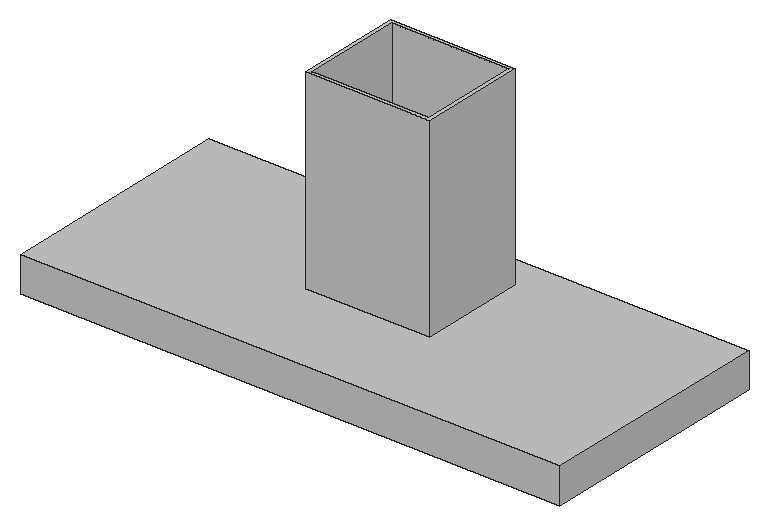
Revit family "AI442760", category Generic Models, Revit 2014
Parameters (values of type "AI442720")
  Width = 1600 mm
  URL = "http://www.gaggenau.com."
  Model = "AI442720"
  Manufacturer = "Gaggenau"
  Height = 680 mm
  Unit = Metal Panel
  Description = "Gaggenau 400 series professional island hood w/ baffle filters, w/o blower"
  Depth = 698 mm
Types (2, lengths in mm): name | Model | Description
  AI442720 | "AI442720" | "Gaggenau 400 series professional island hood w/ baffle filters, w/o blower"
  AI442760 | "AI442760" | "Gaggenau 400 series 63\" professional island hood w/ baffle filters, w/o blower"
Reference planes
  plane 1 "Center (Front/Back)": y = 0
  plane 2: z = 0
  plane 3 "Center (Left/Right)": x = 0
  plane 4: x = -800
  plane 5: x = 800
  plane 6: y = 349
  plane 7: y = -349
  plane 8: z = 680
  plane 9: z = 3
  plane 10: z = 330
  plane 11: z = 105
  plane 12: y = 34
  plane 13: x = -183.359
  plane 14: x = 183.359
Forms (mm)
  Extrusion 1, solid, material "Metal Panel" <- "Unit"
    sketch origin (0, 0, 0) x (1, 0, 0) y (0, 1, 0)
      loop
        line (-800, 349) -> (-800, -349) -> (800, -349) -> (800, 349) -> (-800, 349)
      loop
        line (-725, 274) -> (-725, -274) -> (725, -274) -> (725, 274) -> (-725, 274)
    from 0 to 105
  Extrusion 2, solid, material "Metal Panel" <- "Unit"
    sketch origin (0, -95, 0) x (1, 0, 0) y (0, 1, 0)
      loop
        line (-183.359, 349) -> (-183.359, 34) -> (183.359, 34) -> (183.359, 349) -> (-183.359, 349)
      loop
        line (-173.359, 339) -> (-173.359, 44) -> (173.359, 44) -> (173.359, 339) -> (-173.359, 339)
    from 105 to 680
  Extrusion 3, solid, material "Metal Panel" <- "Unit"
    sketch origin (0, 0, 0) x (1, 0, 0) y (0, 1, 0)
      loop
        line (-725, 274) -> (-725, -274) -> (725, -274) -> (725, 274) -> (-725, 274)
    from 48.585 to 105
  Extrusion 4, solid, material "Metal Panel" <- "Unit"
    sketch origin (0, 0, 0) x (0, 1, 0) y (1, 0, 0)
      loop
        line (-274, -687.754) -> (50.021, -687.754) -> (50.021, -659.442) -> (-274, -659.442) -> (-274, -687.754)
      loop
        line (-274, -607.754) -> (46.87, -607.754) -> (46.87, -579.442) -> (-274, -579.442) -> (-274, -607.754)
      loop
        line (-274, -522.754) -> (46.87, -522.754) -> (46.87, -494.442) -> (-274, -494.442) -> (-274, -522.754)
      loop
        line (-274, -422.754) -> (46.87, -422.754) -> (46.87, -394.442) -> (-274, -394.442) -> (-274, -422.754)
      loop
        line (-274, -342.754) -> (46.87, -342.754) -> (46.87, -314.442) -> (-274, -314.442) -> (-274, -342.754)
      loop
        line (-274, -257.754) -> (46.87, -257.754) -> (46.87, -229.442) -> (-274, -229.442) -> (-274, -257.754)
      loop
        line (-274, -157.754) -> (46.87, -157.754) -> (46.87, -129.442) -> (-274, -129.442) -> (-274, -157.754)
      loop
        line (-274, -77.754) -> (46.87, -77.754) -> (46.87, -49.442) -> (-274, -49.442) -> (-274, -77.754)
      loop
        line (-274, 7.246) -> (46.87, 7.246) -> (46.87, 35.558) -> (-274, 35.558) -> (-274, 7.246)
      loop
        line (-274, 107.246) -> (46.87, 107.246) -> (46.87, 135.558) -> (-274, 135.558) -> (-274, 107.246)
      loop
        line (-274, 187.246) -> (46.87, 187.246) -> (46.87, 215.558) -> (-274, 215.558) -> (-274, 187.246)
      loop
        line (-274, 272.246) -> (46.87, 272.246) -> (46.87, 300.558) -> (-274, 300.558) -> (-274, 272.246)
      loop
        line (-274, 372.246) -> (46.87, 372.246) -> (46.87, 400.558) -> (-274, 400.558) -> (-274, 372.246)
      loop
        line (-274, 452.246) -> (46.87, 452.246) -> (46.87, 480.558) -> (-274, 480.558) -> (-274, 452.246)
      loop
        line (-274, 537.246) -> (46.87, 537.246) -> (46.87, 565.558) -> (-274, 565.558) -> (-274, 537.246)
      loop
        line (-274, 637.246) -> (46.87, 637.246) -> (46.87, 665.558) -> (-274, 665.558) -> (-274, 637.246)
    from -48.585 to 0
  Extrusion 5, solid, material "Metal Panel" <- "Unit"
    sketch origin (0, 0, 0) x (1, 0, 0) y (0, 0, 1)
      loop
        circle (-248.905, 41.996) r 10
      loop
        circle (-188.905, 41.996) r 10
      loop
        circle (-108.905, 41.996) r 10
      loop
        circle (-48.905, 41.996) r 10
      loop
        circle (11.095, 41.996) r 10
      loop
        circle (71.095, 41.996) r 10
      loop
        circle (131.095, 41.996) r 10
      loop
        circle (191.095, 41.996) r 10
      loop
        circle (266.095, 41.996) r 10
    from 279.116 to 275
  Extrusion 6, solid, material "Metal Panel" <- "Unit"
    sketch origin (0, 0, 0) x (0, 1, 0) y (1, 0, 0)
      loop
        line (274, -725) -> (274, 725) -> (46.87, 725) -> (46.87, -725) -> (274, -725)
    from -48.585 to 0
  Extrusion 7, solid
    sketch origin (0, 0, 0) x (0, 1, 0) y (1, 0, 0)
      loop
        line (96.025, -663.116) -> (236.025, -663.116) -> (236.025, -73.116) -> (96.025, -73.116) -> (96.025, -663.116)
      loop
        line (96.025, 646.884) -> (96.025, 86.884) -> (236.025, 86.884) -> (236.025, 646.884) -> (96.025, 646.884)
    from 2.472 to -8.972
Cuts and joins
  joined: Extrusion 1, Extrusion 3
Dimensions and locks
  equal spacing: plane 4, plane 3 "Center (Left/Right)", plane 5
  equal spacing: plane 6, plane 1 "Center (Front/Back)", plane 7
  "Width": plane 4 to plane 5
  "Depth": plane 6 to plane 7
  "Height": plane 8 to plane 2
  plane 6 to plane 12 = 315 mm
  equal spacing: plane 13, plane 3 "Center (Left/Right)", plane 14
  plane 13 to plane 14 = 366.719 mm
  aligned and locked: level to plane 2
Automatic sketch dimensions
  Extrusion 1 sketch curve to plane 4 = 0 mm
  Extrusion 1 sketch curve to plane 5 = 0 mm
  plane 7 to Extrusion 1 sketch curve = 0 mm
  Extrusion 1 sketch curve to plane 6 = 0 mm
  plane 4 to Extrusion 1 sketch curve = 75 mm
  plane 5 to Extrusion 1 sketch curve = 75 mm
  Extrusion 1 sketch curve to plane 7 = 75 mm
  Extrusion 1 sketch curve to plane 6 = 75 mm
  Extrusion 2 sketch curve to plane 12 = 95 mm
  Extrusion 2 sketch curve to plane 13 = 0 mm
  Extrusion 2 sketch curve to plane 6 = 95 mm
  Extrusion 2 sketch curve to plane 14 = 0 mm
  plane 13 to Extrusion 2 sketch curve = 10 mm
  Extrusion 2 sketch curve to plane 14 = 10 mm
  Extrusion 2 sketch curve to plane 12 = 85 mm
  Extrusion 2 sketch curve to plane 6 = 105 mm
  plane 4 to Extrusion 3 sketch curve = 75 mm
  plane 5 to Extrusion 3 sketch curve = 75 mm
  Extrusion 3 sketch curve to plane 7 = 75 mm
  Extrusion 3 sketch curve to plane 6 = 75 mm
  Extrusion 1 to Extrusion 4 sketch curve = 0 mm  (x16)
  Extrusion 4 sketch curve to Extrusion 1 = 227.13 mm  (x15)
  Extrusion 4 sketch curve to Extrusion 1 = 223.979 mm
  Extrusion 4 sketch curve to Extrusion 1 = 59.442 mm
  Extrusion 4 sketch curve to Extrusion 4 sketch curve = 28.312 mm  (x16)
  Extrusion 4 sketch curve to Extrusion 4 sketch curve = 71.688 mm  (x5)
  Extrusion 4 sketch curve to Extrusion 4 sketch curve = 56.688 mm  (x5)
  Extrusion 4 sketch curve to Extrusion 4 sketch curve = 51.688 mm  (x5)
  Extrusion 5 sketch curve to plane 13 = 65.546 mm
  Extrusion 5 sketch curve to Extrusion 5 sketch curve = 60 mm  (x3)
  Extrusion 5 sketch curve to plane 3 "Center (Left/Right)" = 108.905 mm
  Extrusion 5 sketch curve to plane 3 "Center (Left/Right)" = 48.905 mm
  Extrusion 5 sketch curve to plane 14 = 112.265 mm
  Extrusion 5 sketch curve to plane 14 = 52.265 mm
  plane 9 to Extrusion 5 sketch curve = 38.996 mm  (x9)
  Extrusion 5 sketch curve to Extrusion 5 sketch curve = 75 mm
  Extrusion 6 sketch curve to Extrusion 1 = 0 mm  (x3)
  Extrusion 6 sketch curve to Extrusion 1 = 227.13 mm
  Extrusion 7 sketch curve to Extrusion 1 = 61.884 mm
  Extrusion 7 sketch curve to Extrusion 1 = 177.975 mm
  Extrusion 7 sketch curve to Extrusion 7 sketch curve = 0 mm
  Extrusion 7 sketch curve to Extrusion 1 = 37.975 mm  (x2)
  Extrusion 7 sketch curve to Extrusion 7 sketch curve = 590 mm
  Extrusion 7 sketch curve to Extrusion 7 sketch curve = 160 mm
  Extrusion 7 sketch curve to Extrusion 1 = 78.116 mm
  radius of Extrusion 5 sketch curve = 10 mm  (x9)
